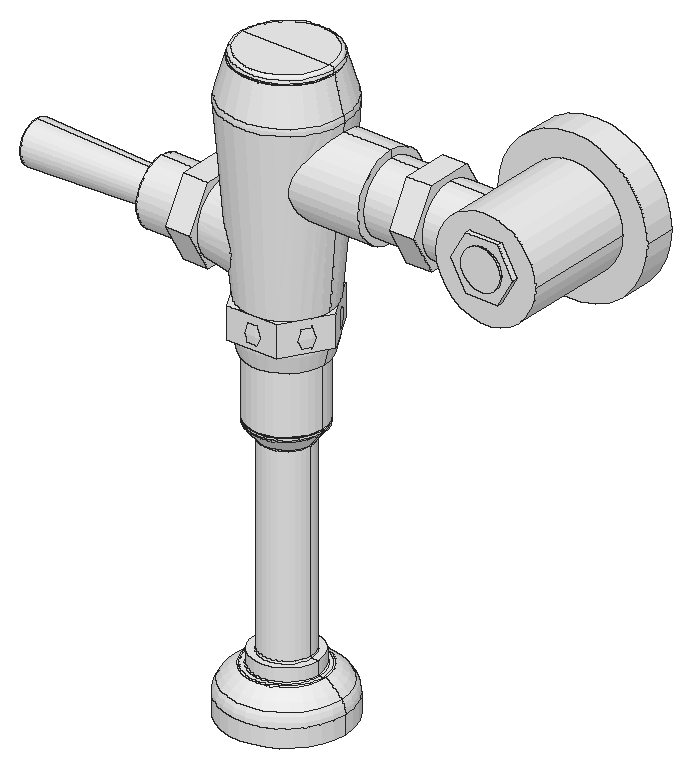
Revit family "707220001_Fluxometro Orinal Palanca", category Generic Models, Revit 2019
Family settings
  Can host rebar = No
  Round Connector Dimension = Use Diameter
  Part Type = Normal
  Work Plane-Based = No
  Always vertical = Yes
  Cut with Voids When Loaded = No
  Shared = No
  Room Calculation Point = No
Parameters
  URL = "https://corona.co/productos/griferias/griferias-institucionales/fluxometro-palanca-para-orinal/p/707220001"
  Tipo de instalación = "Expuesto E.S."  # constant formula
  Ruptor de vacioi = "Si"  # constant formula
  Presión mínima recomendada = "20 psi"  # constant formula
  Presión máxima recomendada = "80 psi"  # constant formula
  Peso Neto Aproximado = "2,080 gr. 4,5856 lb"  # constant formula
  Peso Bruto Aproximado = "2,320 gr. 5,1147 lb"  # constant formula
  Material = Corona_Cromado
  Fecha de creación = "5/10/2020"  # constant formula
  Dimensiónes generales de producto (H x W x L) = "329 x 85 x 291 mm."  # constant formula
  Diametro de Tubería para la instalación = "Entrada Mínimo de 1/2 y/o 3/4 NPT, Salida de 3/4 Tuerca de 3/4 para conexión a Racor de 3/4.\r\ne descarga total: 0,48 L/min a 50 PSI"  # constant formula
  Description = "El Fluxómetro para Orinal de Corona, te garantizará un ahorro de agua en cada descarga consumiendo 0.5 lpf, haciéndolo ideal para instituciones de alto tráfico. ¡Tienes que tenerlo!"  # constant formula
  Descarga Por = "Pistón"  # constant formula
  Creado por = "IDD"  # constant formula
  Consumo = " 0,5 Lpf. - 0,125 Gpf"  # constant formula
  Ciclo de Vida y Desempeño de la descarga = "150,000 ciclos"  # constant formula
  Capacidad de Flujo estimado real = "0,48 L/min a 50 PSI"  # constant formula
  Accionamiento mediante = "Palanca"  # constant formula
  Acabado = Corona_Cromado
Reference planes
  plane 1 "Center (Front/Back)": y = 0
  plane 2: z = 0
  plane 3 "Center (Left/Right)": x = 0
Forms (mm)
  Revolve 1, solid, material "Corona_Cromado", detail levels medium+fine
    sketch origin (0, 0, 0) x (1, 0, 0) y (0, 0, 1)
      loop
        line (0, 0) -> (0, 358.789) -> (-26.194, 358.789)
        arc (-26.194, 358.789) -> (-27.504, 358.351) -> (-28.286, 357.213) r 2.176
        line (-28.286, 357.213) -> (-28.748, 355.601) -> (-27.961, 355.601) -> (-27.961, 354.693) -> (-29.008, 354.693) -> (-34.836, 334.371)
        arc (-34.836, 334.371) -> (-35.186, 332.525) -> (-35.194, 330.647) r 10.263
        line (-35.194, 330.647) -> (-25.898, 224.384)
        arc (-25.898, 224.384) -> (-26.285, 209.977) -> (-23.243, 195.889) r 60.318
        line (-23.243, 195.889) -> (-21.59, 195.889) -> (-21.59, 160.445) -> (-20.803, 160.445) -> (-20.803, 159.536) -> (-21.59, 159.536) -> (-21.59, 158.431)
        arc (-21.59, 158.431) -> (-21.512, 157.974) -> (-21.285, 157.569) r 1.369
        line (-21.285, 157.569) -> (-14.982, 149.785)
        arc (-14.982, 149.785) -> (-14.75, 149.372) -> (-14.67, 148.905) r 1.398
        line (-14.67, 148.905) -> (-14.67, 35.528)
        arc (-14.67, 35.528) -> (-14.759, 34.848) -> (-15.022, 34.215) r 2.627
        line (-15.022, 34.215) -> (-19.297, 34.215) -> (-19.297, 26.81)
        arc (-19.297, 26.81) -> (-19.598, 26.509) -> (-20.01, 26.398) r 0.824
        line (-20.01, 26.398) -> (-22.486, 26.398)
        arc (-22.486, 26.398) -> (-22.955, 26.348) -> (-23.402, 26.197) r 2.19
        arc (-23.402, 26.197) -> (-28.825, 22.764) -> (-33.158, 18.029) r 24.262
        arc (-33.158, 18.029) -> (-34.891, 14.499) -> (-35.487, 10.612) r 12.976
        line (-35.487, 10.612) -> (-35.487, 0) -> (0, 0)
      axis (0, 0) -> (0, 358.789)
    angle from 0 to 360
  Revolve 2, solid, material "Corona_Cromado", detail levels medium+fine
    sketch origin (0, 0, 0) x (1, 0, 0) y (0, 0, 1)
      loop
        line (-151.945, 255.276) -> (-1.796, 255.276) -> (-1.796, 281.955) -> (-36.824, 277.309) -> (-36.824, 269.495) -> (-51.499, 269.495) -> (-51.499, 274.495) -> (-75.03, 274.495)
        arc (-75.03, 274.495) -> (-75.629, 274.247) -> (-75.877, 273.648) r 0.847
        line (-75.877, 273.648) -> (-75.877, 265.162) -> (-150.388, 267.764)
        arc (-150.388, 267.764) -> (-151.2, 267.489) -> (-151.546, 266.704) r 1.065
        line (-151.546, 266.704) -> (-151.945, 255.276)
      axis (-151.945, 255.276) -> (-1.796, 255.276)
    angle from 0 to 360
  Extrusion 3, solid, material "Corona_Cromado", detail levels medium+fine
    sketch origin (0, 0, 2.188) x (0, 1, 0) y (0, 0, 1)
      loop
        line (-26.965, 253.611) -> (-13.482, 230.258) -> (13.482, 230.258) -> (26.965, 253.611) -> (13.482, 276.963) -> (-13.482, 276.963) -> (-26.965, 253.611)
    from -51.499 to -36.824
  Revolve 4, solid, material "Corona_Cromado", detail levels medium+fine
    sketch origin (0, 0, 0) x (1, 0, 0) y (0, 0, 1)
      loop
        line (17.917, 300.859) -> (138.13, 300.859) -> (138.13, 321.692) -> (62.99, 321.692) -> (62.99, 325.859) -> (17.917, 325.859) -> (17.917, 300.859)
      axis (138.13, 300.859) -> (17.917, 300.859)
    angle from 0 to 360
  Extrusion 5, solid, material "Corona_Cromado", detail levels medium+fine
    sketch origin (0, 0, 0) x (1, 0, 0) y (0, 1, 0)
      loop
        line (30, 0) -> (15, 25.981) -> (-15, 25.981) -> (-30, 0) -> (-15, -25.981) -> (15, -25.981) -> (30, 0)
    from 207.234 to 225.646
  Extrusion 6, solid, material "Corona_Cromado", detail levels medium+fine
    sketch origin (135.117, 0, 47.771) x (0, 1, 0) y (0, 0, 1)
      loop
        line (-26.965, 253.611) -> (-13.482, 230.258) -> (13.482, 230.258) -> (26.965, 253.611) -> (13.482, 276.963) -> (-13.482, 276.963) -> (-26.965, 253.611)
    from -51.499 to -36.824
  Extrusion 7, solid, material "Corona_Cromado", detail levels medium+fine
    sketch origin (3.75, -11.283, 0) x (1, 0, 0) y (0, 0, 1)
      loop
        circle (138.13, 300.859) r 45
    from -68.283 to -49.916
  Extrusion 8, solid, material "Corona_Cromado", detail levels medium+fine
    sketch origin (0, 0, 0) x (1, 0, 0) y (0, 0, 1)
      loop
        circle (141.88, 300.859) r 30
    from -38.634 to 26.965
  Extrusion 9, solid, material "Corona_Cromado", detail levels medium+fine
    sketch origin (3.75, 0, 1.418) x (1, 0, 0) y (0, 0, 1)
      loop
        circle (138.13, 300.859) r 12
    from 30.024 to 30.858
  Extrusion 10, solid, material "Corona_Cromado", detail levels medium+fine
    sketch origin (3.75, 0, 1.418) x (1, 0, 0) y (0, 0, 1)
      loop
        line (157.088, 300.859) -> (147.609, 317.277) -> (128.651, 317.277) -> (119.172, 300.859) -> (128.651, 284.441) -> (147.609, 284.441) -> (157.088, 300.859)
    from 26.965 to 30.024
  Extrusion 11, solid, detail levels coarse
    sketch origin (0, 0, 0) x (1, 0, 0) y (0, 1, 0)
      loop
        line (187.754, 57) -> (-152.01, 57) -> (-152.01, -36.366) -> (187.754, -36.366) -> (187.754, 57)
    from 0 to 359.079
Cuts and joins
  joined: Revolve 1, Revolve 2, Extrusion 3, Revolve 4, Extrusion 8
Dimensions and locks
  aligned and locked: level to plane 2
Connectors
  piping at (141.88, 57, 300.859), diameter 15
    settings: on Extrusion 7, index 1, connector inside diameter 609.6 mm, connector length 0 mm, flow factor 0, pipe flow 0.0 L/s, pressure drop 0.0 Pa, fitting loss kfactor 0, connector angle 0.00°, fixture units 0, engagement length 0 mm, angle of deflection 0.00°, flow configuration 0, flow direction 0, fitting loss method 0, system type 7, joint type 0, gender type 0, connector reference index -1, connector utility 0, adjustable connector no, is connector primary yes, connector description ""
